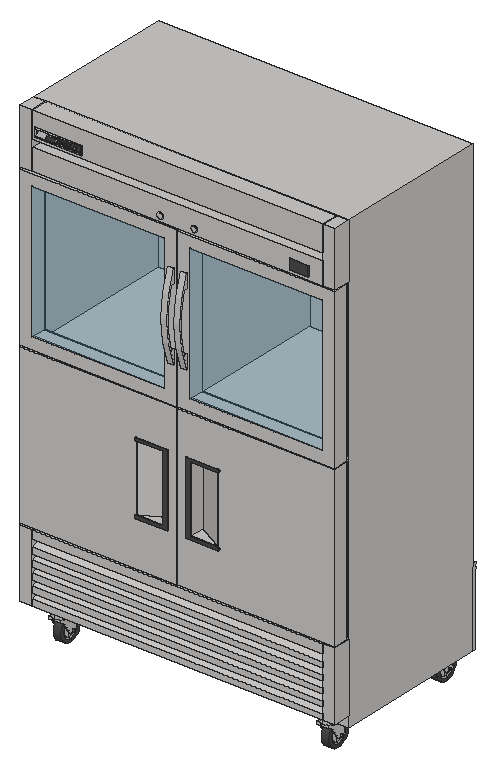
Revit family "QF_TRUE_T-49-2-G-2-HC~FGD01", category Specialty Equipment, Revit 2015 (continued)
Definition of nested family "T-49-2-G-2-HC-FGD01"
  Forms (in)
    Extrusion 38, solid, visible <- "Show Clearance", not visible, detail levels coarse
      sketch origin (0, -26.8125, 19) x (0, -1, 0) y (-1, 0, 0)
        loop
          arc (3, -26.94851) -> (21.16957, -18.61945) -> (28.4375, 0) r 26.64931
          line (28.4375, 0) -> (3, 0) -> (3, -26.94851)
        loop
          line (3, -27.20774) -> (3, -54.15625) -> (28.4375, -54.15625)
          arc (28.4375, -54.15625) -> (21.16957, -35.5368) -> (3, -27.20774) r 26.64931
      from 0.12134 to -27.125
    Extrusion 39, solid
      sketch origin (0, 0.375, 17.59595) x (0, 0, -1) y (-1, 0, 0)
        loop
          circle (4.84595, -27.07812) r 0.25
      from 0 to 0.125
    Extrusion 40, solid
      sketch origin (54.20774, -26.79741, 18.87866) x (0, 1, 0) y (1, 0, 0)
        loop
          line (0, -1.157) -> (0, -0.21392) -> (-2.06523, -0.25589)
          arc (-2.06523, -0.25589) -> (-2.48736, -0.68546) -> (-2.06523, -1.11503) r 0.42963
          line (-2.06523, -1.11503) -> (0, -1.157)
        loop
          circle (-2.05773, -0.68546) r 0.25
      from 0 to 0.1697
    Extrusion 41, solid
      sketch origin (54.20774, -26.79741, 18.87866) x (0, 1, 0) y (1, 0, 0)
        loop
          circle (-2.05773, -0.68546) r 0.25
      from 0 to 0.25366
    Extrusion 42, solid
      sketch origin (29.17183, -26.45366, 73.625) x (1, 0, 0) y (0, 1, 0)
        loop
          line (24.5625, -1.62139) -> (21.0974, -1.62139) -> (21.0974, -2.6725) -> (24.5625, -2.6725) -> (24.5625, -1.62139)
        loop
          circle (24.12704, -2.16728) r 0.25
        loop
          circle (22.47678, -2.15567) r 0.25
        loop
          circle (21.47678, -2.15567) r 0.25
      from 0 to 0.14349
    Extrusion 43, solid
      sketch origin (29.17183, -26.45366, 73.625) x (1, 0, 0) y (0, 1, 0)
        loop
          circle (22.47678, -2.15567) r 0.25
        loop
          circle (21.47678, -2.15567) r 0.25
      from 0 to 0.25
    Extrusion 44, solid
      sketch origin (29.17183, -26.45366, 73.38103) x (1, 0, 0) y (0, 1, 0)
        loop
          circle (24.12704, -2.16728) r 0.25
      from 0.24397 to 0.49477
    Extrusion 45, solid
      sketch origin (53.98433, -26.79741, 73.8758) x (-1, 0, 0) y (0, 1, 0)
        loop
          line (0.22917, -2.35477) -> (1.22917, -2.35477) -> (1.18806, 0) -> (0.27027, 0) -> (0.22917, -2.35477)
        loop
          circle (0.6841, -1.82353) r 0.25
      from 0 to 0.10732
    Extrusion 46, solid
      sketch origin (54.20774, -26.79741, 46.37866) x (0, 1, 0) y (1, 0, 0)
        loop
          line (0, -1.157) -> (0, -0.21392) -> (-2.06523, -0.25589)
          arc (-2.06523, -0.25589) -> (-2.48736, -0.68546) -> (-2.06523, -1.11503) r 0.42963
          line (-2.06523, -1.11503) -> (0, -1.157)
        loop
          circle (-2.05773, -0.68546) r 0.25
      from 0 to 0.1697
    Extrusion 47, solid
      sketch origin (54.20774, -26.79741, 46.37866) x (0, 1, 0) y (1, 0, 0)
        loop
          circle (-2.05773, -0.68546) r 0.25
      from 0 to 0.25366
    Extrusion 48, solid
      sketch origin (-0.05149, -26.79741, 18.87866) x (0, -1, 0) y (-1, 0, 0)
        loop
          line (0, -1.157) -> (2.06523, -1.11503)
          arc (2.06523, -1.11503) -> (2.48736, -0.68546) -> (2.06523, -0.25589) r 0.42963
          line (2.06523, -0.25589) -> (0, -0.21392) -> (0, -1.157)
        loop
          circle (2.05773, -0.68546) r 0.25
      from 0 to 0.1697
    Extrusion 49, solid
      sketch origin (-0.05149, -26.79741, 18.87866) x (0, -1, 0) y (-1, 0, 0)
        loop
          circle (2.05773, -0.68546) r 0.25
      from 0 to 0.25366
    Extrusion 50, solid
      sketch origin (24.98442, -26.45366, 73.625) x (-1, 0, 0) y (0, -1, 0)
        loop
          line (24.5625, 1.62139) -> (24.5625, 2.6725) -> (21.0974, 2.6725) -> (21.0974, 1.62139) -> (24.5625, 1.62139)
        loop
          circle (24.12704, 2.16728) r 0.25
        loop
          circle (22.47678, 2.15567) r 0.25
        loop
          circle (21.47678, 2.15567) r 0.25
      from 0 to 0.14349
    Extrusion 51, solid
      sketch origin (24.98442, -26.45366, 73.625) x (-1, 0, 0) y (0, -1, 0)
        loop
          circle (22.47678, 2.15567) r 0.25
        loop
          circle (21.47678, 2.15567) r 0.25
      from 0 to 0.25
    Extrusion 52, solid
      sketch origin (24.98442, -26.45366, 73.38103) x (-1, 0, 0) y (0, -1, 0)
        loop
          circle (24.12704, 2.16728) r 0.25
      from 0.24397 to 0.49477
    Extrusion 53, solid
      sketch origin (0.17192, -26.79741, 73.8758) x (-1, 0, 0) y (0, 1, 0)
        loop
          line (-0.22917, -2.35477) -> (-0.27027, 0) -> (-1.18806, 0) -> (-1.22917, -2.35477) -> (-0.22917, -2.35477)
        loop
          circle (-0.6841, -1.82353) r 0.25
      from 0 to 0.10732
    Extrusion 54, solid
      sketch origin (-0.05149, -26.79741, 46.37866) x (0, -1, 0) y (-1, 0, 0)
        loop
          line (0, -1.157) -> (2.06523, -1.11503)
          arc (2.06523, -1.11503) -> (2.48736, -0.68546) -> (2.06523, -0.25589) r 0.42963
          line (2.06523, -0.25589) -> (0, -0.21392) -> (0, -1.157)
        loop
          circle (2.05773, -0.68546) r 0.25
      from 0 to 0.1697
    Extrusion 55, solid
      sketch origin (-0.05149, -26.79741, 46.37866) x (0, -1, 0) y (-1, 0, 0)
        loop
          circle (2.05773, -0.68546) r 0.25
      from 0 to 0.25366
  Cuts and joins
    joined: Extrusion 1, Extrusion 7, Extrusion 9
  Lines and regions (in)
    symbolic lines
      curve 1: line (0, -29.8125, 0) -> (54.15625, -29.8125, 0)
      curve 2: line (0, 0.5, 0) -> (0, -29.8125, 0)
      curve 3: line (54.15625, 0.5, 0) -> (0, 0.5, 0)
      curve 4: line (54.15625, -29.8125, 0) -> (54.15625, 0.5, 0)
      curve 5: line (0, 0, 0) -> (54.15625, 0, 0)
      curve 6: line (0, -26.8125, 0) -> (54.15625, -26.8125, 0)
      curve 7: line (2, -29.8125, 0) -> (2, -26.8125, 0)
      curve 8: line (52.15625, -29.8125, 0) -> (52.15625, -26.8125, 0)
      curve 9: line (25.44851, -31.34375, 0) -> (25.44851, -29.8125, 0)
      curve 10: line (25.44851, -31.34375, 0) -> (26.45776, -31.34375, 0)
      curve 11: line (26.45776, -31.34375, 0) -> (26.45776, -29.8125, 0)
      curve 12: line (27.69849, -29.8125, 0) -> (27.69849, -31.34375, 0)
      curve 13: line (28.70774, -29.8125, 0) -> (28.70774, -31.34375, 0)
      curve 14: line (28.70774, -31.34375, 0) -> (27.69849, -31.34375, 0)
      curve 15: line (0, -29.8125, 0) -> (22.77628, -42.96239, 0)
      curve 16: arc (26.94851, -29.8125, 0) -> (25.72808, -36.66211, 0) -> (22.77628, -42.96239, 0) r 26.64931
      curve 17: line (54.15625, -29.8125, 0) -> (31.37997, -42.96239, 0)
      curve 18: arc (27.20774, -29.8125, 0) -> (28.42817, -36.66211, 0) -> (31.37997, -42.96239, 0) r 26.64931
  Dimensions and locks (in)
    equal spacing: plane 3 "LEFT", plane 7 "Center Y", plane 4 "RIGHT"
    plane 3 "LEFT" to plane 4 "RIGHT" = 54 5/32"
    equal spacing: plane 5 "FRONT", plane 8 "Center X", plane 1 "BACK"
    plane 5 "FRONT" to plane 1 "BACK" = 29 13/16"
    plane 6 "TOP" to level = 83 3/8"
    plane 6 "TOP" to plane 9 = 78 5/16"
    plane 9 to level = 5 1/16"
    plane 4 "RIGHT" to plane 3 "LEFT" = 54 5/32"
    plane 1 "BACK" to plane 10 = 1/2"
    plane 11 to plane 5 "FRONT" = 1 17/32"
    plane 10 to plane 11 = 31 27/32"
    plane 1 "BACK" to plane 18 = 55 1/4"
    plane 1 "BACK" to plane 20 = 55 1/4"
    aligned and locked: level to plane 2
  Automatic sketch dimensions
    Extrusion 2 sketch curve to Extrusion 2 sketch curve = 1 1/4"  (x2)
    Extrusion 2 sketch curve to Extrusion 2 sketch curve = 1"  (x7)
    Extrusion 2 sketch curve to Extrusion 2 sketch curve = 2"  (x2)
    Extrusion 2 sketch curve to Extrusion 2 sketch curve = 0"  (x9)
    Extrusion 2 sketch curve to Extrusion 2 sketch curve = 0.51258"
    Extrusion 2 sketch curve to Extrusion 2 sketch curve = 0.43712"
    Extrusion 4 sketch curve to Extrusion 2 = 0.97242"  (x2)
    Extrusion 2 to Extrusion 4 sketch curve = 22.14431"
    Extrusion 4 sketch curve to Extrusion 4 sketch curve = 5.86763"
    Extrusion 5 sketch curve to plane 18 = 0"  (x2)
    Extrusion 6 sketch curve to Extrusion 1 = 0"  (x2)
    Extrusion 6 sketch curve to Extrusion 1 = 3/8"
    Extrusion 6 sketch curve to Extrusion 6 sketch curve = 12.53345"
    Extrusion 6 sketch curve to Extrusion 6 sketch curve = 0.34482"
    Extrusion 6 sketch curve to Extrusion 6 sketch curve = 0.3805"
    Extrusion 6 sketch curve to Extrusion 6 sketch curve = 0.16647"
    Extrusion 6 sketch curve to Extrusion 1 = 0.32496"
    Extrusion 6 sketch curve to Extrusion 6 sketch curve = 0.17678"
    Extrusion 6 sketch curve to Extrusion 6 sketch curve = 0.14819"
    Extrusion 6 sketch curve to Extrusion 6 sketch curve = 0"
    Extrusion 6 sketch curve to Extrusion 6 sketch curve = 1/8"
    Extrusion 6 sketch curve to Extrusion 6 sketch curve = 0.17504"
    Extrusion 7 sketch curve to Extrusion 1 = 0"  (x4)
    Extrusion 1 to Extrusion 7 sketch curve = 0"
    Extrusion 1 to Extrusion 7 sketch curve = 2"  (x2)
    Extrusion 1 to Extrusion 7 sketch curve = 2 5/8"
    Extrusion 8 sketch curve to Extrusion 8 sketch curve = 4.63686"  (x2)
    Extrusion 9 sketch curve to Extrusion 9 sketch curve = 2"
    Extrusion 10 sketch curve to Extrusion 10 sketch curve = 3 1/4"
    Extrusion 15 sketch curve to Extrusion 1 = 1/4"  (x3)
    Extrusion 15 sketch curve to Extrusion 1 = 11 1/2"
    Extrusion 1 to Extrusion 15 sketch curve = 23.19851"
    Extrusion 1 to Extrusion 15 sketch curve = 24.69851"
    Extrusion 15 sketch curve to Extrusion 15 sketch curve = 1 1/2"  (x3)
    Extrusion 15 sketch curve to Extrusion 15 sketch curve = 0.75923"  (x2)
    Extrusion 15 sketch curve to Extrusion 15 sketch curve = 23.44851"
    Extrusion 15 sketch curve to Extrusion 15 sketch curve = 0"  (x5)
    Extrusion 15 sketch curve to Extrusion 15 sketch curve = 23.74634"
    Extrusion 15 sketch curve to Extrusion 15 sketch curve = 1.37866"  (x2)
    Extrusion 15 sketch curve to Extrusion 15 sketch curve = 5/8"  (x2)
    Extrusion 15 sketch curve to Extrusion 1 = 13.81616"
    Extrusion 15 sketch curve to Extrusion 15 sketch curve = 1.62134"
    Extrusion 16 sketch curve to plane 16 = 0"
    Extrusion 16 sketch curve to plane 17 = 0"
    Extrusion 17 sketch curve to Extrusion 17 sketch curve = 3/4"  (x2)
    Extrusion 17 sketch curve to Extrusion 17 sketch curve = 4.63686"  (x3)
    Extrusion 17 sketch curve to Extrusion 17 sketch curve = 0"  (x3)
    Extrusion 17 sketch curve to Extrusion 17 sketch curve = 1/4"  (x4)
    Extrusion 18 sketch curve to Extrusion 18 sketch curve = 4.63686"  (x2)
    Extrusion 19 sketch curve to plane 19 = 0"  (x2)
    Extrusion 1 sketch curve to Extrusion 1 sketch curve = 2"
    Extrusion 1 sketch curve to Extrusion 1 sketch curve = 78 5/16"
    Extrusion 2 sketch curve to Extrusion 2 sketch curve = 4 1/2"
    Extrusion 2 sketch curve to Extrusion 2 sketch curve = 3 3/4"
    Extrusion 2 sketch curve to Extrusion 2 sketch curve = 55 1/4"
    Extrusion 2 sketch curve to Extrusion 2 sketch curve = 1 1/2"
    Extrusion 2 sketch curve to Extrusion 2 sketch curve = 2.0503"  (x2)
    Extrusion 2 sketch curve to Extrusion 2 sketch curve = 2.80755"
    Extrusion 2 sketch curve to Extrusion 2 sketch curve = 3"
    Extrusion 3 sketch curve to Extrusion 3 sketch curve = 22.94851"  (x2)
    Extrusion 3 sketch curve to Extrusion 3 sketch curve = 4.25923"
    Extrusion 3 sketch curve to Extrusion 3 sketch curve = 0"  (x2)
    Extrusion 3 sketch curve to Extrusion 3 sketch curve = 23.24634"
    Extrusion 5 sketch curve to Extrusion 5 sketch curve = 25 7/16"
    Extrusion 5 sketch curve to Extrusion 5 sketch curve = 0"
    Extrusion 5 sketch curve to Extrusion 5 sketch curve = 1.20981"  (x2)
    Extrusion 5 sketch curve to Extrusion 5 sketch curve = 0.32668"
    Extrusion 5 sketch curve to Extrusion 5 sketch curve = 0.25923"
    Extrusion 5 sketch curve to Extrusion 5 sketch curve = 26.62183"
    Extrusion 8 sketch curve to Extrusion 8 sketch curve = 0"  (x7)
    Extrusion 8 sketch curve to Extrusion 8 sketch curve = 2"  (x8)
    Extrusion 8 sketch curve to Extrusion 8 sketch curve = 20.06165"
    Extrusion 8 sketch curve to Extrusion 8 sketch curve = 22.94851"
    Extrusion 8 sketch curve to Extrusion 8 sketch curve = 2 1/4"
    Extrusion 8 sketch curve to Extrusion 8 sketch curve = 0.25923"
    Extrusion 8 sketch curve to Extrusion 8 sketch curve = 4.75923"
    Extrusion 8 sketch curve to Extrusion 8 sketch curve = 18.06165"
    Extrusion 8 sketch curve to Extrusion 8 sketch curve = 8.34547"
    Extrusion 8 sketch curve to Extrusion 8 sketch curve = 11 1/2"
    Extrusion 8 sketch curve to Extrusion 8 sketch curve = 7.40087"
    Extrusion 8 sketch curve to Extrusion 8 sketch curve = 0.25366"  (x2)
    Extrusion 8 sketch curve to Extrusion 8 sketch curve = 23.24634"  (x2)
    Extrusion 9 sketch curve to Extrusion 9 sketch curve = 78 5/16"
    Extrusion 10 sketch curve to Extrusion 10 sketch curve = 1 3/4"
    Extrusion 11 sketch curve to Extrusion 11 sketch curve = 9 1/2"
    Extrusion 11 sketch curve to Extrusion 11 sketch curve = 55 1/4"
    Extrusion 11 sketch curve to Extrusion 11 sketch curve = 11 3/4"
    Extrusion 11 sketch curve to Extrusion 11 sketch curve = 0"
    Extrusion 11 sketch curve to Extrusion 11 sketch curve = 3"  (x2)
    Extrusion 12 sketch curve to Extrusion 12 sketch curve = 9 1/2"
    Extrusion 12 sketch curve to Extrusion 12 sketch curve = 55 1/4"
    Extrusion 12 sketch curve to Extrusion 12 sketch curve = 11 3/4"
    Extrusion 12 sketch curve to Extrusion 12 sketch curve = 0"
    Extrusion 12 sketch curve to Extrusion 12 sketch curve = 3"  (x2)
    plane 17 to Extrusion 16 sketch curve = 36 1/8"
    Extrusion 16 sketch curve to Extrusion 16 sketch curve = 24 5/64"  (x2)
    Extrusion 16 sketch curve to Extrusion 16 sketch curve = 0"  (x3)
    Extrusion 16 sketch curve to Extrusion 16 sketch curve = 2"  (x3)
    Extrusion 17 sketch curve to Extrusion 17 sketch curve = 3.25923"
    Extrusion 17 sketch curve to Extrusion 17 sketch curve = 11 1/2"
    Extrusion 18 sketch curve to Extrusion 18 sketch curve = 4.75923"
    Extrusion 18 sketch curve to Extrusion 18 sketch curve = 0"  (x2)
    Extrusion 18 sketch curve to Extrusion 18 sketch curve = 2 1/2"
    Extrusion 19 sketch curve to Extrusion 19 sketch curve = 25 7/16"
    Extrusion 19 sketch curve to Extrusion 19 sketch curve = 0"
    Extrusion 19 sketch curve to Extrusion 19 sketch curve = 1.20981"  (x2)
    Extrusion 19 sketch curve to Extrusion 19 sketch curve = 0.32668"
    Extrusion 19 sketch curve to Extrusion 19 sketch curve = 0.25923"
    Extrusion 19 sketch curve to Extrusion 19 sketch curve = 26.62183"
    Extrusion 21 sketch curve to Extrusion 21 sketch curve = 1 1/4"  (x2)
    Extrusion 21 sketch curve to Extrusion 21 sketch curve = 1"  (x7)
    Extrusion 21 sketch curve to Extrusion 21 sketch curve = 2"  (x2)
    Extrusion 21 sketch curve to Extrusion 21 sketch curve = 0"  (x9)
    Extrusion 21 sketch curve to Extrusion 21 sketch curve = 0.51258"
    Extrusion 21 sketch curve to Extrusion 21 sketch curve = 0.43712"
    Extrusion 23 sketch curve to Extrusion 21 = 0.97242"  (x2)
    Extrusion 21 to Extrusion 23 sketch curve = 22.14431"
    Extrusion 23 sketch curve to Extrusion 23 sketch curve = 5.86763"
    Extrusion 24 sketch curve to plane 27 = 0"  (x2)
    Extrusion 25 sketch curve to Extrusion 20 = 0"  (x2)
    Extrusion 25 sketch curve to Extrusion 20 = 3/8"
    Extrusion 25 sketch curve to Extrusion 25 sketch curve = 12.53345"
    Extrusion 25 sketch curve to Extrusion 25 sketch curve = 0.34482"
    Extrusion 25 sketch curve to Extrusion 25 sketch curve = 0.3805"
    Extrusion 25 sketch curve to Extrusion 25 sketch curve = 0.16647"
    Extrusion 25 sketch curve to Extrusion 20 = 0.32496"
    Extrusion 25 sketch curve to Extrusion 25 sketch curve = 0.17678"
    Extrusion 25 sketch curve to Extrusion 25 sketch curve = 0.14819"
    Extrusion 25 sketch curve to Extrusion 25 sketch curve = 0"
    Extrusion 25 sketch curve to Extrusion 25 sketch curve = 1/8"
    Extrusion 25 sketch curve to Extrusion 25 sketch curve = 0.17504"
    Extrusion 26 sketch curve to Extrusion 20 = 0"  (x4)
    Extrusion 20 to Extrusion 26 sketch curve = 0"
    Extrusion 20 to Extrusion 26 sketch curve = 2"  (x2)
    Extrusion 20 to Extrusion 26 sketch curve = 2 5/8"
    Extrusion 27 sketch curve to Extrusion 27 sketch curve = 4.63686"  (x2)
    Extrusion 28 sketch curve to Extrusion 28 sketch curve = 2"
    Extrusion 29 sketch curve to Extrusion 29 sketch curve = 3 1/4"
    Extrusion 34 sketch curve to Extrusion 20 = 1/4"  (x3)
    Extrusion 34 sketch curve to Extrusion 20 = 11 1/2"
    Extrusion 20 to Extrusion 34 sketch curve = 23.19851"
    Extrusion 20 to Extrusion 34 sketch curve = 24.69851"
    Extrusion 34 sketch curve to Extrusion 34 sketch curve = 1 1/2"  (x3)
    Extrusion 34 sketch curve to Extrusion 34 sketch curve = 0.75923"  (x2)
    Extrusion 34 sketch curve to Extrusion 34 sketch curve = 23.44851"
    Extrusion 34 sketch curve to Extrusion 34 sketch curve = 0"  (x5)
    Extrusion 34 sketch curve to Extrusion 34 sketch curve = 23.74634"
    Extrusion 34 sketch curve to Extrusion 34 sketch curve = 1.37866"  (x2)
    Extrusion 34 sketch curve to Extrusion 34 sketch curve = 5/8"  (x2)
    Extrusion 34 sketch curve to Extrusion 20 = 13.81616"
    Extrusion 34 sketch curve to Extrusion 34 sketch curve = 1.62134"
    Extrusion 35 sketch curve to plane 25 = 0"
    Extrusion 35 sketch curve to plane 26 = 0"
    Extrusion 36 sketch curve to Extrusion 36 sketch curve = 3/4"  (x2)
    Extrusion 36 sketch curve to Extrusion 36 sketch curve = 4.63686"  (x3)
    Extrusion 36 sketch curve to Extrusion 36 sketch curve = 0"  (x3)
    Extrusion 36 sketch curve to Extrusion 36 sketch curve = 1/4"  (x4)
    Extrusion 37 sketch curve to Extrusion 37 sketch curve = 4.63686"  (x2)
    Extrusion 38 sketch curve to plane 28 = 0"  (x2)
    Extrusion 20 sketch curve to Extrusion 20 sketch curve = 2"
    Extrusion 20 sketch curve to Extrusion 20 sketch curve = 78 5/16"
    Extrusion 21 sketch curve to Extrusion 21 sketch curve = 4 1/2"
    Extrusion 21 sketch curve to Extrusion 21 sketch curve = 3 3/4"
    Extrusion 21 sketch curve to Extrusion 21 sketch curve = 55 1/4"
    Extrusion 21 sketch curve to Extrusion 21 sketch curve = 1 1/2"
    Extrusion 21 sketch curve to Extrusion 21 sketch curve = 2.0503"  (x2)
    Extrusion 21 sketch curve to Extrusion 21 sketch curve = 2.80755"
    Extrusion 21 sketch curve to Extrusion 21 sketch curve = 3"
    Extrusion 22 sketch curve to Extrusion 22 sketch curve = 22.94851"  (x2)
    Extrusion 22 sketch curve to Extrusion 22 sketch curve = 4.25923"
    Extrusion 22 sketch curve to Extrusion 22 sketch curve = 0"  (x2)
    Extrusion 22 sketch curve to Extrusion 22 sketch curve = 23.24634"
    Extrusion 24 sketch curve to Extrusion 24 sketch curve = 25 7/16"
    Extrusion 24 sketch curve to Extrusion 24 sketch curve = 0"
    Extrusion 24 sketch curve to Extrusion 24 sketch curve = 1.20981"  (x2)
    Extrusion 24 sketch curve to Extrusion 24 sketch curve = 0.32668"
    Extrusion 24 sketch curve to Extrusion 24 sketch curve = 0.25923"
    Extrusion 24 sketch curve to Extrusion 24 sketch curve = 26.62183"
    Extrusion 27 sketch curve to Extrusion 27 sketch curve = 0"  (x7)
    Extrusion 27 sketch curve to Extrusion 27 sketch curve = 2"  (x8)
    Extrusion 27 sketch curve to Extrusion 27 sketch curve = 20.06165"
    Extrusion 27 sketch curve to Extrusion 27 sketch curve = 22.94851"
    Extrusion 27 sketch curve to Extrusion 27 sketch curve = 2 1/4"
    Extrusion 27 sketch curve to Extrusion 27 sketch curve = 0.25923"
    Extrusion 27 sketch curve to Extrusion 27 sketch curve = 4.75923"
    Extrusion 27 sketch curve to Extrusion 27 sketch curve = 18.06165"
    Extrusion 27 sketch curve to Extrusion 27 sketch curve = 8.34547"
    Extrusion 27 sketch curve to Extrusion 27 sketch curve = 11 1/2"
    Extrusion 27 sketch curve to Extrusion 27 sketch curve = 7.40087"
    Extrusion 27 sketch curve to Extrusion 27 sketch curve = 0.25366"  (x2)
    Extrusion 27 sketch curve to Extrusion 27 sketch curve = 23.24634"  (x2)
    Extrusion 28 sketch curve to Extrusion 28 sketch curve = 78 5/16"
    Extrusion 29 sketch curve to Extrusion 29 sketch curve = 1 3/4"
    Extrusion 30 sketch curve to Extrusion 30 sketch curve = 9 1/2"
    Extrusion 30 sketch curve to Extrusion 30 sketch curve = 55 1/4"
    Extrusion 30 sketch curve to Extrusion 30 sketch curve = 11 3/4"
    Extrusion 30 sketch curve to Extrusion 30 sketch curve = 0"
    Extrusion 30 sketch curve to Extrusion 30 sketch curve = 3"  (x2)
    Extrusion 31 sketch curve to Extrusion 31 sketch curve = 9 1/2"
    Extrusion 31 sketch curve to Extrusion 31 sketch curve = 55 1/4"
    Extrusion 31 sketch curve to Extrusion 31 sketch curve = 11 3/4"
    Extrusion 31 sketch curve to Extrusion 31 sketch curve = 0"
    Extrusion 31 sketch curve to Extrusion 31 sketch curve = 3"  (x2)
    plane 26 to Extrusion 35 sketch curve = 36 1/8"
    Extrusion 35 sketch curve to Extrusion 35 sketch curve = 24 5/64"  (x2)
    Extrusion 35 sketch curve to Extrusion 35 sketch curve = 0"  (x3)
    Extrusion 35 sketch curve to Extrusion 35 sketch curve = 2"  (x3)
    Extrusion 36 sketch curve to Extrusion 36 sketch curve = 3.25923"
    Extrusion 36 sketch curve to Extrusion 36 sketch curve = 11 1/2"
    Extrusion 37 sketch curve to Extrusion 37 sketch curve = 4.75923"
    Extrusion 37 sketch curve to Extrusion 37 sketch curve = 0"  (x2)
    Extrusion 37 sketch curve to Extrusion 37 sketch curve = 2 1/2"
    Extrusion 38 sketch curve to Extrusion 38 sketch curve = 25 7/16"
    Extrusion 38 sketch curve to Extrusion 38 sketch curve = 0"
    Extrusion 38 sketch curve to Extrusion 38 sketch curve = 1.20981"  (x2)
    Extrusion 38 sketch curve to Extrusion 38 sketch curve = 0.32668"
    Extrusion 38 sketch curve to Extrusion 38 sketch curve = 0.25923"
    Extrusion 38 sketch curve to Extrusion 38 sketch curve = 26.62183"
    Extrusion 14 sketch curve to plane 14 = 0"
    plane 15 to Extrusion 14 sketch curve = 0"
    Extrusion 14 sketch curve to plane 14 = 2 1/2"
    Extrusion 14 sketch curve to plane 15 = 2 1/2"
    Extrusion 14 sketch curve to Extrusion 14 sketch curve = 0"
    Extrusion 14 sketch curve to Extrusion 14 sketch curve = 0.60964"  (x2)
    Extrusion 14 sketch curve to Extrusion 14 sketch curve = 17.54993"
    Extrusion 14 sketch curve to Extrusion 14 sketch curve = 0.05054"
    Extrusion 13 sketch curve to plane 12 = 0"
    plane 13 to Extrusion 13 sketch curve = 0"
    Extrusion 13 sketch curve to plane 12 = 2 1/2"
    Extrusion 13 sketch curve to plane 13 = 2 1/2"
    Extrusion 13 sketch curve to Extrusion 13 sketch curve = 0"
    Extrusion 13 sketch curve to Extrusion 13 sketch curve = 0.60964"  (x2)
    Extrusion 13 sketch curve to Extrusion 13 sketch curve = 17.54993"
    Extrusion 13 sketch curve to Extrusion 13 sketch curve = 0.05175"
    Extrusion 33 sketch curve to plane 23 = 0"
    plane 24 to Extrusion 33 sketch curve = 0"
    Extrusion 33 sketch curve to plane 23 = 2 1/2"
    Extrusion 33 sketch curve to plane 24 = 2 1/2"
    Extrusion 33 sketch curve to Extrusion 33 sketch curve = 0"
    Extrusion 33 sketch curve to Extrusion 33 sketch curve = 0.60964"  (x2)
    Extrusion 33 sketch curve to Extrusion 33 sketch curve = 17.54993"
    Extrusion 33 sketch curve to Extrusion 33 sketch curve = 0.05054"
    Extrusion 32 sketch curve to plane 21 = 0"
    plane 22 to Extrusion 32 sketch curve = 0"
    Extrusion 32 sketch curve to plane 21 = 2 1/2"
    Extrusion 32 sketch curve to plane 22 = 2 1/2"
    Extrusion 32 sketch curve to Extrusion 32 sketch curve = 0"
    Extrusion 32 sketch curve to Extrusion 32 sketch curve = 0.60964"  (x2)
    Extrusion 32 sketch curve to Extrusion 32 sketch curve = 17.54993"
    Extrusion 32 sketch curve to Extrusion 32 sketch curve = 0.05175"
    curve 1 to plane 3 "LEFT" = 0"
    plane 5 "FRONT" to curve 7 = 0"
    plane 11 to curve 12 = 0"
    curve 1 to plane 4 "RIGHT" = 0"
    plane 1 "BACK" to curve 5 = 0"
    curve 3 to plane 10 = 0"
    plane 3 "LEFT" to curve 16 = 0.32668"
    curve 15 to plane 7 "Center Y" = 4.30184"
    plane 11 to curve 9 = 0"
    curve 9 to plane 7 "Center Y" = 1.62962"
    curve 11 to plane 7 "Center Y" = 0.62037"
    plane 7 "Center Y" to curve 12 = 0.62037"
    curve 12 to curve 14 = 1.00925"
    plane 7 "Center Y" to curve 17 = 4.30184"
    plane 4 "RIGHT" to curve 18 = 0.32668"
    plane 11 to curve 15 = 11.61864"
    curve 15 to curve 17 = 0"
    curve 18 to plane 5 "FRONT" = 1.20981"
    curve 16 to plane 5 "FRONT" = 1.20981"
    plane 3 "LEFT" to curve 7 = 2"
    plane 4 "RIGHT" to curve 8 = 2"
    curve 18 to curve 8 = 1.79019"
    Extrusion 6 to Extrusion 39 sketch curve = 4.84595"
    Extrusion 6 to Extrusion 39 sketch curve = 27 5/64"
    Extrusion 40 sketch curve to Extrusion 40 sketch curve = 0"  (x3)
    Extrusion 40 sketch curve to plane 5 "FRONT" = 0.94986"
    plane 4 "RIGHT" to Extrusion 40 sketch curve = 0.2044"
    Extrusion 40 sketch curve to Extrusion 40 sketch curve = 0.0075"
    plane 4 "RIGHT" to Extrusion 40 sketch curve = 1.10551"
    Extrusion 40 sketch curve to Extrusion 40 sketch curve = 2.06523"
    plane 4 "RIGHT" to Extrusion 40 sketch curve = 0.16243"
    Extrusion 40 sketch curve to Extrusion 40 sketch curve = 0.42957"
    Extrusion 41 sketch curve to plane 5 "FRONT" = 0.95736"
    plane 4 "RIGHT" to Extrusion 41 sketch curve = 0.63397"
    Extrusion 42 sketch curve to plane 5 "FRONT" = 0.68634"
    plane 4 "RIGHT" to Extrusion 42 sketch curve = 3.88702"
    Extrusion 42 sketch curve to Extrusion 42 sketch curve = 0.37938"
    Extrusion 42 sketch curve to Extrusion 42 sketch curve = 1"
    plane 4 "RIGHT" to Extrusion 42 sketch curve = 0.85738"
    plane 4 "RIGHT" to Extrusion 42 sketch curve = 0.42192"
    Extrusion 42 sketch curve to Extrusion 42 sketch curve = 0.50522"
    Extrusion 42 sketch curve to plane 5 "FRONT" = 1.20317"
    Extrusion 42 sketch curve to Extrusion 42 sketch curve = 0.51683"
    Extrusion 42 sketch curve to Extrusion 42 sketch curve = 0.53428"
    Extrusion 43 sketch curve to plane 5 "FRONT" = 1.20317"
    plane 4 "RIGHT" to Extrusion 43 sketch curve = 3.50763"
    Extrusion 43 sketch curve to Extrusion 43 sketch curve = 1"
    Extrusion 43 sketch curve to Extrusion 43 sketch curve = 0"
    Extrusion 44 sketch curve to Extrusion 44 sketch curve = 0"  (x2)
    plane 4 "RIGHT" to Extrusion 44 sketch curve = 0.85738"
    Extrusion 44 sketch curve to plane 5 "FRONT" = 1.19156"
    Extrusion 44 sketch curve to Extrusion 44 sketch curve = 1/4"
    plane 4 "RIGHT" to Extrusion 45 sketch curve = 0.40108"
    plane 4 "RIGHT" to Extrusion 45 sketch curve = 0.44219"
    Extrusion 45 sketch curve to Extrusion 45 sketch curve = 0.45494"
    Extrusion 45 sketch curve to Extrusion 45 sketch curve = 0.91779"
    Extrusion 45 sketch curve to plane 5 "FRONT" = 0.66032"
    Extrusion 45 sketch curve to Extrusion 45 sketch curve = 0.54506"
    Extrusion 45 sketch curve to Extrusion 45 sketch curve = 17/32"
    Extrusion 45 sketch curve to Extrusion 45 sketch curve = 1.82353"
    Extrusion 46 sketch curve to Extrusion 46 sketch curve = 0"  (x3)
    Extrusion 46 sketch curve to plane 5 "FRONT" = 0.94986"
    plane 4 "RIGHT" to Extrusion 46 sketch curve = 0.2044"
    Extrusion 46 sketch curve to Extrusion 46 sketch curve = 0.0075"
    plane 4 "RIGHT" to Extrusion 46 sketch curve = 1.10551"
    Extrusion 46 sketch curve to Extrusion 46 sketch curve = 2.06523"
    plane 4 "RIGHT" to Extrusion 46 sketch curve = 0.16243"
    Extrusion 46 sketch curve to Extrusion 46 sketch curve = 0.42957"
    Extrusion 47 sketch curve to plane 5 "FRONT" = 0.95736"
    plane 4 "RIGHT" to Extrusion 47 sketch curve = 0.63397"
    Extrusion 48 sketch curve to Extrusion 48 sketch curve = 0"  (x2)
    plane 3 "LEFT" to Extrusion 48 sketch curve = 0.16243"
    Extrusion 48 sketch curve to plane 5 "FRONT" = 3.01509"
    Extrusion 48 sketch curve to plane 5 "FRONT" = 0.95736"
    plane 3 "LEFT" to Extrusion 48 sketch curve = 0.2044"
    Extrusion 48 sketch curve to Extrusion 48 sketch curve = 0.0075"  (x2)
    Extrusion 48 sketch curve to Extrusion 48 sketch curve = 0.42957"
    Extrusion 48 sketch curve to Extrusion 48 sketch curve = 0.94308"
    Extrusion 49 sketch curve to plane 5 "FRONT" = 0.95736"
    plane 3 "LEFT" to Extrusion 49 sketch curve = 0.63397"
    Extrusion 50 sketch curve to plane 5 "FRONT" = 0.68634"
    plane 3 "LEFT" to Extrusion 50 sketch curve = 3.88702"
    Extrusion 50 sketch curve to Extrusion 50 sketch curve = 0.37938"
    Extrusion 50 sketch curve to Extrusion 50 sketch curve = 1"
    plane 3 "LEFT" to Extrusion 50 sketch curve = 0.85738"
    plane 3 "LEFT" to Extrusion 50 sketch curve = 0.42192"
    Extrusion 50 sketch curve to Extrusion 50 sketch curve = 0.50522"
    Extrusion 50 sketch curve to Extrusion 50 sketch curve = 0.51683"
    Extrusion 50 sketch curve to Extrusion 50 sketch curve = 0"
    Extrusion 50 sketch curve to Extrusion 50 sketch curve = 0.5459"
    Extrusion 51 sketch curve to plane 5 "FRONT" = 1.20317"
    plane 3 "LEFT" to Extrusion 51 sketch curve = 3.50763"
    Extrusion 51 sketch curve to Extrusion 51 sketch curve = 1"
    Extrusion 51 sketch curve to Extrusion 51 sketch curve = 0"
    Extrusion 52 sketch curve to Extrusion 52 sketch curve = 0"  (x2)
    plane 3 "LEFT" to Extrusion 52 sketch curve = 0.85738"
    Extrusion 52 sketch curve to plane 5 "FRONT" = 1.19156"
    Extrusion 52 sketch curve to Extrusion 52 sketch curve = 1/4"
    Extrusion 53 sketch curve to plane 5 "FRONT" = 0.66032"
    plane 3 "LEFT" to Extrusion 53 sketch curve = 1.40108"
    plane 3 "LEFT" to Extrusion 53 sketch curve = 1.35998"
    Extrusion 53 sketch curve to Extrusion 53 sketch curve = 0.54506"
    plane 3 "LEFT" to Extrusion 53 sketch curve = 0.44219"
    plane 3 "LEFT" to Extrusion 53 sketch curve = 0.40108"
    Extrusion 53 sketch curve to Extrusion 53 sketch curve = 17/32"
    Extrusion 53 sketch curve to Extrusion 53 sketch curve = 1.82353"
    Extrusion 54 sketch curve to Extrusion 54 sketch curve = 0"  (x2)
    plane 3 "LEFT" to Extrusion 54 sketch curve = 0.16243"
    Extrusion 54 sketch curve to plane 5 "FRONT" = 3.01509"
    Extrusion 54 sketch curve to plane 5 "FRONT" = 0.95736"
    plane 3 "LEFT" to Extrusion 54 sketch curve = 0.2044"
    Extrusion 54 sketch curve to Extrusion 54 sketch curve = 0.0075"  (x2)
    Extrusion 54 sketch curve to Extrusion 54 sketch curve = 0.42957"
    Extrusion 54 sketch curve to Extrusion 54 sketch curve = 0.94308"
    Extrusion 55 sketch curve to plane 5 "FRONT" = 0.95736"
    plane 3 "LEFT" to Extrusion 55 sketch curve = 0.63397"
    radius of Extrusion 4 sketch curve = 1/2"  (x2)
    radius of Extrusion 23 sketch curve = 1/2"  (x2)
    radius of Extrusion 39 sketch curve = 1/4"
    radius of Extrusion 40 sketch curve = 1/4"
    radius of Extrusion 41 sketch curve = 1/4"
    radius of Extrusion 42 sketch curve = 1/4"  (x3)
    radius of Extrusion 43 sketch curve = 1/4"  (x2)
    radius of Extrusion 45 sketch curve = 1/4"
    radius of Extrusion 46 sketch curve = 1/4"
    radius of Extrusion 47 sketch curve = 1/4"
    radius of Extrusion 48 sketch curve = 1/4"
    radius of Extrusion 49 sketch curve = 1/4"
    radius of Extrusion 50 sketch curve = 1/4"  (x3)
    radius of Extrusion 51 sketch curve = 1/4"  (x2)
    radius of Extrusion 53 sketch curve = 1/4"
    radius of Extrusion 54 sketch curve = 1/4"
    radius of Extrusion 55 sketch curve = 1/4"
  Nested families (in)
    nested 1: "QF_LOGO_TRUE" at (2.5, -29.8125, 79.375), Show Logo <- "Show Logo", type "QF_LOGO_TRUE", detail levels medium+fine
      with Show Logo yes
  Definition of nested family "QF_LOGO_TRUE"
    Parameters (values of type "QF_LOGO_TRUE")
      Show Logo [instance] = yes
    Reference planes (in)
      plane 1 "Center (Front/Back)": y = 0
      plane 2: z = 0
      plane 3 "Center (Left/Right)": x = 0
    Forms (in)
      Extrusion 1, solid, visible <- "Show Logo", detail levels medium+fine
        sketch origin (-78.34647, 34.76905, -30.51001) x (1, 0, 0) y (0, 0, 1)
          loop
            line (81.15226, 31.65456) -> (81.07353, 31.48573) -> (82.12083, 31.48573)
            arc (82.12083, 31.48573) -> (82.14208, 31.44814) -> (82.12083, 31.41055) r 0.04386
            line (82.12083, 31.41055) -> (81.84767, 30.82478)
            arc (81.84767, 30.82478) -> (81.84531, 30.77052) -> (81.882, 30.73048) r 0.07096
            line (81.882, 30.73048) -> (82.55165, 30.73048)
            arc (82.55165, 30.73048) -> (82.63621, 30.75714) -> (82.69019, 30.82748) r 0.14742
            line (82.69019, 30.82748) -> (82.90515, 31.28847) -> (83.10265, 31.28847)
            arc (83.10265, 31.28847) -> (83.15447, 31.26942) -> (83.14697, 31.21472) r 0.04405
            line (83.14697, 31.21472) -> (82.9671, 30.82899)
            arc (82.9671, 30.82899) -> (82.9699, 30.76493) -> (83.02398, 30.73048) r 0.06943
            line (83.02398, 30.73048) -> (83.6124, 30.73048)
            arc (83.6124, 30.73048) -> (83.65748, 30.74689) -> (83.68147, 30.78844) r 0.07014
            arc (83.68147, 30.78844) -> (83.69845, 30.74745) -> (83.73943, 30.73048) r 0.05796
            line (83.73943, 30.73048) -> (84.112, 30.73048)
            arc (84.112, 30.73048) -> (84.15504, 30.74201) -> (84.18655, 30.77352) r 0.08608
            arc (84.18655, 30.77352) -> (84.20164, 30.7371) -> (84.23806, 30.72202) r 0.0515
            line (84.23806, 30.72202) -> (84.76757, 30.72202)
            arc (84.76757, 30.72202) -> (84.81086, 30.73995) -> (84.8288, 30.78324) r 0.06122
            arc (84.8288, 30.78324) -> (84.86848, 30.74355) -> (84.92269, 30.72903) r 0.10842
            line (84.92269, 30.72903) -> (85.91461, 30.72903) -> (86.02479, 30.91987) -> (85.0243, 30.91987)
            arc (85.0243, 30.91987) -> (84.99669, 30.93902) -> (84.99566, 30.97261) r 0.03732
            line (84.99566, 30.97261) -> (85.01297, 31.00972)
            arc (85.01297, 31.00972) -> (85.03954, 31.04453) -> (85.0813, 31.05774) r 0.07263
            line (85.0813, 31.05774) -> (85.40289, 31.05774)
            arc (85.40289, 31.05774) -> (85.4723, 31.07633) -> (85.52311, 31.12715) r 0.13882
            line (85.52311, 31.12715) -> (85.61625, 31.28847)
            arc (85.61625, 31.28847) -> (85.61625, 31.37458) -> (85.54168, 31.41763) r 0.08611
            line (85.54168, 31.41763) -> (85.20227, 31.41763)
            arc (85.20227, 31.41763) -> (85.11574, 31.40294) -> (85.05538, 31.33923) r 0.13863
            line (85.05538, 31.33923) -> (84.89409, 30.99333)
            arc (84.89409, 30.99333) -> (84.84649, 30.9313) -> (84.77191, 30.90778) r 0.13002
            line (84.77191, 30.90778) -> (84.41984, 30.90778)
            arc (84.41984, 30.90778) -> (84.3777, 30.95378) -> (84.38042, 31.0161) r 0.08151
            line (84.38042, 31.0161) -> (84.56766, 31.41763) -> (84.44849, 31.41763) -> (84.25012, 30.99222)
            arc (84.25012, 30.99222) -> (84.21158, 30.94199) -> (84.15119, 30.92296) r 0.10527
            line (84.15119, 30.92296) -> (83.90842, 30.92296)
            arc (83.90842, 30.92296) -> (83.8674, 30.97642) -> (83.87619, 31.04323) r 0.08805
            line (83.87619, 31.04323) -> (84.05078, 31.41763) -> (83.92772, 31.41763) -> (83.72676, 30.98668)
            arc (83.72676, 30.98668) -> (83.68011, 30.94003) -> (83.61639, 30.92296) r 0.12745
            line (83.61639, 30.92296) -> (83.26484, 30.92296)
            arc (83.26484, 30.92296) -> (83.2017, 30.9524) -> (83.19563, 31.0218) r 0.06967
            line (83.19563, 31.0218) -> (83.31118, 31.26961) -> (83.47452, 31.26961)
            arc (83.47452, 31.26961) -> (83.50209, 31.35268) -> (83.56075, 31.41763) r 0.21289
            line (83.56075, 31.41763) -> (82.92244, 31.41763)
            arc (82.92244, 31.41763) -> (82.85151, 31.40191) -> (82.80242, 31.34834) r 0.12081
            line (82.80242, 31.34834) -> (82.6294, 30.9773)
            arc (82.6294, 30.9773) -> (82.58962, 30.93752) -> (82.53528, 30.92296) r 0.10869
            line (82.53528, 30.92296) -> (82.1542, 30.92296)
            arc (82.1542, 30.92296) -> (82.12446, 30.96315) -> (82.13012, 31.01283) r 0.06822
            line (82.13012, 31.01283) -> (82.38156, 31.48573) -> (83.01596, 31.48573) -> (83.09469, 31.65456) -> (82.46029, 31.65456) -> (82.53902, 31.8234) -> (82.31334, 31.8234) -> (82.23461, 31.65456) -> (81.15226, 31.65456)
          loop
            arc (85.15937, 31.26434) -> (85.13191, 31.25698) -> (85.1118, 31.23688) r 0.05494
            line (85.1118, 31.23688) -> (85.09547, 31.18665)
            arc (85.09547, 31.18665) -> (85.10304, 31.16837) -> (85.12133, 31.16079) r 0.02586
            line (85.12133, 31.16079) -> (85.39889, 31.16079)
            arc (85.39889, 31.16079) -> (85.41888, 31.16523) -> (85.43513, 31.1777) r 0.04731
            line (85.43513, 31.1777) -> (85.44863, 31.2402)
            arc (85.44863, 31.2402) -> (85.44466, 31.25693) -> (85.42914, 31.26434) r 0.01994
            line (85.42914, 31.26434) -> (85.15937, 31.26434)
          loop
            line (78.62961, 30.74125) -> (80.12032, 30.74125) -> (80.73891, 31.81268) -> (79.2482, 31.81268) -> (78.62961, 30.74125)
        from 34.76797 to 34.83173
      Extrusion 2, solid, visible <- "Show Logo", detail levels medium+fine
        sketch origin (-142.84857, 34.75108, -33.3546) x (1, 0, 0) y (0, 0, 1)
          loop
            line (150.81107, 34.71978) -> (142.98607, 34.71978) -> (142.98607, 33.4921) -> (150.81107, 33.4921) -> (150.81107, 34.71978)
        from 34.75108 to 34.78125
      Extrusion 3, solid, visible <- "Show Logo", detail levels medium+fine
        sketch origin (-142.84857, 34.75108, -33.3546) x (1, 0, 0) y (0, 0, 1)
          loop
            line (150.94857, 34.85727) -> (142.84857, 34.85727) -> (142.84857, 33.3546) -> (150.94857, 33.3546) -> (150.94857, 34.85727)
          loop
            line (142.98607, 34.71978) -> (142.98607, 33.4921) -> (150.81107, 33.4921) -> (150.81107, 34.71978) -> (142.98607, 34.71978)
        from 34.75108 to 34.81376
      Extrusion 4, solid, not visible
        sketch origin (121.45701, -16.5, 4.98235) x (1, 0, 0) y (0, 0, 1)
          loop
            line (25.20115, 35.89949) -> (25.20115, 33.96647) -> (30.95381, 33.96647) -> (30.95381, 35.89949) -> (25.20115, 35.89949)
        from 31.5 to 31.54261
      Extrusion 5, solid, not visible
        sketch origin (121.45701, -16.5, 4.98235) x (1, 0, 0) y (0, 0, 1)
          loop
            line (26.7387, 34.95472) -> (26.61492, 34.49276) -> (27.038, 34.49276)
            arc (27.038, 34.49276) -> (27.13117, 34.52484) -> (27.18485, 34.60749) r 0.15134
            arc (27.18485, 34.60749) -> (27.20396, 34.68138) -> (27.22435, 34.75493) r 4.37326
            arc (27.22435, 34.75493) -> (27.23458, 34.81765) -> (27.22435, 34.88037) r 0.1974
            arc (27.22435, 34.88037) -> (27.18247, 34.93579) -> (27.11563, 34.95472) r 0.10914
            line (27.11563, 34.95472) -> (26.7387, 34.95472)
          loop
            line (26.90201, 34.80638) -> (26.84645, 34.59903) -> (26.92855, 34.59903)
            arc (26.92855, 34.59903) -> (26.98205, 34.6185) -> (27.01051, 34.6678) r 0.08322
            line (27.01051, 34.6678) -> (27.02399, 34.74424)
            arc (27.02399, 34.74424) -> (27.01491, 34.78454) -> (26.97985, 34.80638) r 0.05353
            line (26.97985, 34.80638) -> (26.90201, 34.80638)
          loop
            line (27.45336, 34.66131) -> (27.76233, 34.66131) -> (27.78859, 34.73909)
            arc (27.78859, 34.73909) -> (27.7878, 34.82039) -> (27.73107, 34.87864) r 0.10925
            arc (27.73107, 34.87864) -> (27.68233, 34.8944) -> (27.63139, 34.89974) r 0.24595
            line (27.63139, 34.89974) -> (27.46708, 34.89974)
            arc (27.46708, 34.89974) -> (27.4068, 34.88073) -> (27.3535, 34.84677) r 0.2421
            arc (27.3535, 34.84677) -> (27.2897, 34.76363) -> (27.26702, 34.66131) r 0.2421
            line (27.26702, 34.66131) -> (27.26702, 34.54477)
            arc (27.26702, 34.54477) -> (27.31618, 34.4956) -> (27.38334, 34.47761) r 0.13431
            line (27.38334, 34.47761) -> (27.59054, 34.47761)
            arc (27.59054, 34.47761) -> (27.63459, 34.48281) -> (27.67622, 34.49812) r 0.18924
            line (27.67622, 34.49812) -> (27.73102, 34.61563)
            arc (27.73102, 34.61563) -> (27.68453, 34.59565) -> (27.63566, 34.58252) r 0.35376
            arc (27.63566, 34.58252) -> (27.55885, 34.56956) -> (27.48204, 34.58252) r 0.23415
            arc (27.48204, 34.58252) -> (27.44492, 34.61362) -> (27.45336, 34.66131) r 0.04838
          loop
            line (27.4842, 34.73042) -> (27.62012, 34.73042) -> (27.62621, 34.76496)
            arc (27.62621, 34.76496) -> (27.58961, 34.80242) -> (27.53739, 34.80638) r 0.0742
            arc (27.53739, 34.80638) -> (27.49747, 34.77773) -> (27.4842, 34.73042) r 0.0742
          loop
            line (27.91616, 34.97572) -> (27.78675, 34.49276) -> (27.98645, 34.49276) -> (28.11586, 34.97572) -> (27.91616, 34.97572)
          loop
            line (28.13678, 34.66131) -> (28.08755, 34.47761) -> (28.27134, 34.47761) -> (28.32056, 34.66131) -> (28.43674, 34.66131) -> (28.47974, 34.78864) -> (28.36519, 34.78864)
            arc (28.36519, 34.78864) -> (28.35733, 34.81649) -> (28.36921, 34.84288) r 0.04231
            arc (28.36921, 34.84288) -> (28.431, 34.8652) -> (28.49617, 34.85686) r 0.13988
            line (28.49617, 34.85686) -> (28.53544, 34.97317)
            arc (28.53544, 34.97317) -> (28.39725, 34.99096) -> (28.25905, 34.97317) r 0.54546
            arc (28.25905, 34.97317) -> (28.20849, 34.91994) -> (28.18197, 34.85147) r 0.1894
            line (28.18197, 34.85147) -> (28.17089, 34.78864) -> (28.11397, 34.78864) -> (28.07985, 34.66131) -> (28.13678, 34.66131)
          loop
            arc (28.74846, 34.89756) -> (28.65884, 34.88533) -> (28.56922, 34.89756) r 0.33455
            line (28.56922, 34.89756) -> (28.45669, 34.47761) -> (28.63593, 34.47761) -> (28.74846, 34.89756)
          loop
            arc (28.60398, 35.01195) -> (28.57699, 34.97173) -> (28.60398, 34.9315) r 0.04347
            line (28.60398, 34.9315) -> (28.75755, 34.9315)
            arc (28.75755, 34.9315) -> (28.78645, 34.96687) -> (28.77911, 35.01195) r 0.0556
            line (28.77911, 35.01195) -> (28.60398, 35.01195)
          loop
            line (28.95336, 34.66131) -> (29.26233, 34.66131) -> (29.28859, 34.73909)
            arc (29.28859, 34.73909) -> (29.2878, 34.82039) -> (29.23107, 34.87864) r 0.10925
            arc (29.23107, 34.87864) -> (29.18233, 34.8944) -> (29.13139, 34.89974) r 0.24595
            line (29.13139, 34.89974) -> (28.96708, 34.89974)
            arc (28.96708, 34.89974) -> (28.9068, 34.88073) -> (28.8535, 34.84677) r 0.2421
            arc (28.8535, 34.84677) -> (28.7897, 34.76363) -> (28.76702, 34.66131) r 0.2421
            line (28.76702, 34.66131) -> (28.76702, 34.54477)
            arc (28.76702, 34.54477) -> (28.81618, 34.4956) -> (28.88334, 34.47761) r 0.13431
            line (28.88334, 34.47761) -> (29.09054, 34.47761)
            arc (29.09054, 34.47761) -> (29.13459, 34.48281) -> (29.17622, 34.49812) r 0.18924
            line (29.17622, 34.49812) -> (29.23102, 34.61563)
            arc (29.23102, 34.61563) -> (29.18453, 34.59565) -> (29.13566, 34.58252) r 0.35376
            arc (29.13566, 34.58252) -> (29.05885, 34.56956) -> (28.98204, 34.58252) r 0.23415
            arc (28.98204, 34.58252) -> (28.94492, 34.61362) -> (28.95336, 34.66131) r 0.04838
          loop
            line (28.9842, 34.73042) -> (29.12012, 34.73042) -> (29.12621, 34.76496)
            arc (29.12621, 34.76496) -> (29.08961, 34.80242) -> (29.03739, 34.80638) r 0.0742
            arc (29.03739, 34.80638) -> (28.99747, 34.77773) -> (28.9842, 34.73042) r 0.0742
          loop
            line (29.41616, 34.97572) -> (29.28675, 34.49276) -> (29.48645, 34.49276) -> (29.61586, 34.97572) -> (29.41616, 34.97572)
          loop
            line (29.99836, 34.97572) -> (29.95192, 34.80242)
            arc (29.95192, 34.80242) -> (29.94473, 34.85705) -> (29.90102, 34.89059) r 0.07199
            arc (29.90102, 34.89059) -> (29.80023, 34.89941) -> (29.70251, 34.87322) r 0.29131
            arc (29.70251, 34.87322) -> (29.61806, 34.7652) -> (29.5896, 34.63108) r 0.30433
            line (29.5896, 34.63108) -> (29.5896, 34.55572)
            arc (29.5896, 34.55572) -> (29.61075, 34.50463) -> (29.66184, 34.48348) r 0.07224
            line (29.66184, 34.48348) -> (29.78537, 34.48348)
            arc (29.78537, 34.48348) -> (29.83854, 34.51313) -> (29.88504, 34.55243) r 0.31609
            line (29.88504, 34.55243) -> (29.86905, 34.49276) -> (30.05973, 34.49276) -> (30.18914, 34.97572) -> (29.99836, 34.97572)
          loop
            arc (29.84537, 34.75931) -> (29.79424, 34.71128) -> (29.77745, 34.64317) r 0.12371
            arc (29.77745, 34.64317) -> (29.80071, 34.59901) -> (29.85056, 34.59647) r 0.05045
            arc (29.85056, 34.59647) -> (29.90141, 34.64047) -> (29.92536, 34.7033) r 0.13769
            arc (29.92536, 34.7033) -> (29.90211, 34.75521) -> (29.84537, 34.75931) r 0.05543
          loop
            line (26.45047, 35.26762) -> (26.58211, 35.26762)
            arc (26.58211, 35.26762) -> (26.60467, 35.30821) -> (26.62126, 35.35157) r 0.3277
            arc (26.62126, 35.35157) -> (26.62714, 35.39992) -> (26.60877, 35.44503) r 0.09693
            arc (26.60877, 35.44503) -> (26.56454, 35.48868) -> (26.50462, 35.50516) r 0.12312
            arc (26.50462, 35.50516) -> (26.44158, 35.50565) -> (26.37854, 35.50546) r 5.76967
            arc (26.37854, 35.50546) -> (26.07462, 35.42923) -> (25.81045, 35.26076) r 0.97743
            line (25.81045, 35.26076) -> (25.85921, 35.26076)
            arc (25.85921, 35.26076) -> (26.08494, 35.39361) -> (26.3396, 35.45485) r 0.88817
            arc (26.3396, 35.45485) -> (26.41429, 35.44188) -> (26.47267, 35.39352) r 0.14748
            arc (26.47267, 35.39352) -> (26.48041, 35.32725) -> (26.45047, 35.26762) r 0.11636
          loop
            arc (26.35412, 35.17841) -> (26.19578, 35.0555) -> (26.00982, 34.98069) r 0.72453
            arc (26.00982, 34.98069) -> (25.9036, 34.95581) -> (25.79459, 34.9604) r 0.40201
            arc (25.79459, 34.9604) -> (25.7275, 34.98819) -> (25.69972, 35.05528) r 0.09488
            arc (25.69972, 35.05528) -> (25.71867, 35.12629) -> (25.77049, 35.17841) r 0.1425
            line (25.77049, 35.17841) -> (25.73665, 35.18748)
            arc (25.73665, 35.18748) -> (25.67632, 35.09876) -> (25.66924, 34.99171) r 0.20432
            arc (25.66924, 34.99171) -> (25.71443, 34.9227) -> (25.79473, 34.90384) r 0.11116
            arc (25.79473, 34.90384) -> (25.91172, 34.89904) -> (26.02716, 34.91862) r 0.56145
            arc (26.02716, 34.91862) -> (26.27675, 35.021) -> (26.49584, 35.17841) r 1.15683
            line (26.49584, 35.17841) -> (26.35412, 35.17841)
        from 31.54261 to 31.56272
    Dimensions and locks (in)
      aligned and locked: level to plane 2
      aligned and locked: Extrusion 2 to Extrusion 3  (x2)
      aligned and locked: Extrusion 2 sketch curve to Extrusion 3
